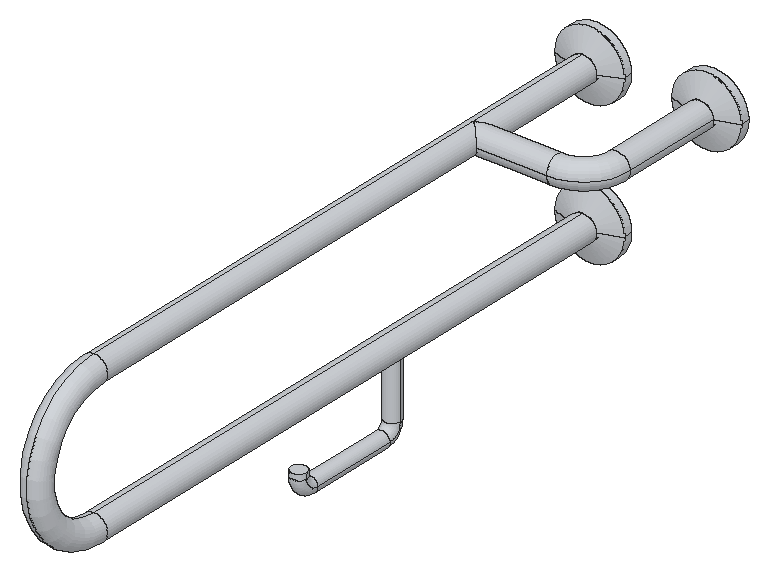
Revit family
Parameters
  Warranty Duration (Years) = 0
  Unit Weight = 9.3
  Unit Length = 2' - 9 1/2"
  URL = "http://www.pontegiulio.com"
  Trim Radius = 0' - 1 5/8"
  Specification = "http://www.arcat.com/sd/clients/pontegiu.html?coid=43483"
  Send Message = "http://www.arcat.com/users.pl?action=UserEmail&company=Ponte%20Giulio&coid=43483&rep=132&fax=877-766-8306&mf="
  Sales Information = "http://www.pontegiulio.it/us/info.php"
  Revision = "R1_01-2010"
  Product Properties = "http://www.pgdb.it/schede/us/G02JCSxx45_us.pdf"
  Product Data = "http://www.arcat.com/arcatcos/cos43/arc43483.html"
  Model = "Grab Bar as Specified in 10 28 13"
  Manufacturer's Notes = ""
  Manufacturer Website = "http://www.pontegiulio.com"
  Manufacturer Phone - Toll Free = "877-766-8301 "
  Manufacturer Fax = "877-766-8306"
  Manufacturer Address = "W241 S4021 Rockwood Circle, Waukesha, WI 53189"
  Manufacturer = "Ponte Giulio"
  Maintenance Schedule (Months) = 0
  Keynote = "10 28 13"
  Installation-Fabrication = ""
  Installation Phase = ""
  Green Building-LEED = "http://www.arcat.com/green/clients/leed_data_43483.html"
  Expected Lifespan (Years) = 0
  Drawn By = "Robert S. Weygant, CSI, CDT, SCIP"
  Diameter = 0' - 1 1/4"
  Description = "Grab Bar as Specified in 10 28 13"
  Default Elevation = 4' - 0"
  Copyright = "2010 ARCAT, Inc"
  Construction Details = ""
  Building Codes = ""
  Bath Fixture Material [instance] = none
  Assembly Code = "C1030200"
  AK_Include Optional Component - F17AGNxx03 Roll Paper Holder = yes
  AK_Code Compliance = "ADA"
Reference planes (in)
  plane 1 "Center (Front/Back)": y = 0
  plane 2: z = 0
  plane 3 "Center (Left/Right)": x = 0
  plane 4 "Support Rail": x = 5.5
  plane 5: z = 37.71941
  plane 6: z = 44.40691
  plane 7: y = -33.5
  plane 8: y = -7.875
  plane 9: y = -12
Forms (in)
  Sweep 1, solid, material <- "Bath Fixture Material"
    path origin (0, 0, 36.40691) x (0, 0, 1) y (0, -1, 0)
      loop
        line (1.3125, 0) -> (1.3125, 29.53125)
        arc (1.3125, 29.53125) -> (4.65625, 32.875) -> (8, 29.53125) r 3.34375
        line (8, 29.53125) -> (8, 0)
    profile origin (0, -14.76563, 37.71941) x (0, 0, -1) y (1, 0, 0)
      loop
        circle (0, 0) r 0.625
  Revolve 2, solid, material <- "Bath Fixture Material"
    sketch origin (0, 0, 44.40691) x (1, 0, 0) y (0, 1, 0)
      loop
        line (0, 0) -> (0, -0.8125) -> (0.625, -0.8125) -> (1.625, -0.40625) -> (1.625, 0) -> (0, 0)
      axis (0, -0.8125) -> (0, 0)
    angle from 0 to 360
  Revolve 3, solid, material <- "Bath Fixture Material"
    sketch origin (5.5, 0, 44.40691) x (1, 0, 0) y (0, 1, 0)
      loop
        line (0, 0) -> (0, -0.8125) -> (0.625, -0.8125) -> (1.625, -0.40625) -> (1.625, 0) -> (0, 0)
      axis (0, -0.8125) -> (0, 0)
    angle from 0 to 360
  Revolve 4, solid, material <- "Bath Fixture Material"
    sketch origin (0, 0, 37.71941) x (1, 0, 0) y (0, 1, 0)
      loop
        line (0, 0) -> (0, -0.8125) -> (0.625, -0.8125) -> (1.625, -0.40625) -> (1.625, 0) -> (0, 0)
      axis (0, -0.8125) -> (0, 0)
    angle from 0 to 360
  Sweep 5, solid, material <- "Bath Fixture Material"
    path origin (0, 0, 0) x (1, 0, 0) y (0, 1, 0)
      loop
        line (5.5, 0) -> (5.5, -5.6875)
        arc (5.5, -5.6875) -> (5.04235, -6.79235) -> (3.9375, -7.25) r 1.5625
        line (3.9375, -7.25) -> (0, -7.25)
    profile origin (5.5, -2.84375, 0) x (1, 0, 0) y (0, 0, 1)
      loop
        circle (0, 44.40691) r 0.625
  Sweep 6, solid, material <- "Bath Fixture Material", visible <- "AK_Include Optional Component - F17AGNxx03 Roll Paper Holder"
    path origin (0, 0, 0) x (0, 1, 0) y (0, 0, 1)
      loop
        line (-12, 37.71941) -> (-12, 34.62566)
        arc (-12, 34.62566) -> (-12.18306, 34.18372) -> (-12.625, 34.00066) r 0.625
        line (-12.625, 34.00066) -> (-16.875, 34.00066)
        arc (-16.875, 34.00066) -> (-17.31694, 34.18372) -> (-17.5, 34.62566) r 0.625
        line (-17.5, 34.62566) -> (-17.5, 34.87566)
    profile origin (0, -12, 36.17254) x (1, 0, 0) y (0, 1, 0)
      loop
        circle (0, 0) r 0.375
Dimensions and locks (in)
  "Diameter": Sweep 1 sketch curve to Sweep 1 sketch curve
  locked: plane 3 "Center (Left/Right)" to plane 4 "Support Rail" at 5.5
  plane 7 to plane 1 "Center (Front/Back)" = 2' - 9 1/2"
  "Unit Length": plane 7 to plane 1 "Center (Front/Back)"
  plane 5 to plane 6 = 0' - 6 11/16"
  locked: plane 4 "Support Rail" to plane 3 "Center (Left/Right)" at 5.5
  plane 8 to plane 1 "Center (Front/Back)" = 0' - 7 7/8"
  locked: plane 9 to plane 1 "Center (Front/Back)" at 12
  aligned and locked: profile plane to Sweep 1 sketch curve
  aligned and locked: plane 5 to Sweep 1 sketch curve
  aligned and locked: plane 6 to Sweep 1 sketch curve
  aligned and locked: Sweep 1 sketch curve to plane 5
  aligned and locked: Sweep 1 sketch curve to Revolve 2
  aligned and locked: plane 1 "Center (Front/Back)" to Sweep 1 sketch curve  (x2)
  aligned and locked: Revolve 4 sketch curve to plane 3 "Center (Left/Right)"
  aligned and locked: plane 1 "Center (Front/Back)" to Revolve 4 sketch curve
  aligned and locked: Revolve 2 sketch curve to plane 3 "Center (Left/Right)"
  aligned and locked: plane 1 "Center (Front/Back)" to Revolve 2 sketch curve
  aligned and locked: Revolve 3 sketch curve to plane 4 "Support Rail"
  aligned and locked: plane 1 "Center (Front/Back)" to Revolve 3 sketch curve
  aligned and locked: plane 5 to Revolve 4
  aligned and locked: Revolve 3 to Sweep 5 sketch curve
  aligned and locked: plane 3 "Center (Left/Right)" to Sweep 5 sketch curve
  aligned and locked: plane 9 to Sweep 6 sketch curve
Automatic sketch dimensions
  Sweep 1 sketch curve to Sweep 1 sketch curve = 0' - 0"
  Sweep 1 sketch curve to profile plane = 0' - 0"
  plane 7 to Sweep 1 sketch curve = 0' - 3 31/32"
  Revolve 4 sketch curve to plane 3 "Center (Left/Right)" = 0' - 0"
  plane 3 "Center (Left/Right)" to Revolve 4 sketch curve = 0' - 0 5/8"
  plane 1 "Center (Front/Back)" to Revolve 4 sketch curve = 0' - 0 13/32"
  Revolve 4 sketch curve to Revolve 4 sketch curve = 0' - 1"
  plane 1 "Center (Front/Back)" to Revolve 4 sketch curve = 0' - 0 13/16"
  Revolve 4 sketch curve to plane 7 = 5' - 9.15632"
  Revolve 4 sketch curve to Revolve 4 sketch curve = 2' - 0"
  Revolve 2 sketch curve to plane 3 "Center (Left/Right)" = 0' - 0"
  plane 3 "Center (Left/Right)" to Revolve 2 sketch curve = 0' - 0 5/8"
  plane 1 "Center (Front/Back)" to Revolve 2 sketch curve = 0' - 0 13/32"
  Revolve 2 sketch curve to Revolve 2 sketch curve = 0' - 1"
  plane 1 "Center (Front/Back)" to Revolve 2 sketch curve = 0' - 0 13/16"
  Revolve 2 sketch curve to plane 7 = 5' - 9.15632"
  Revolve 2 sketch curve to Revolve 2 sketch curve = 2' - 0"
  Revolve 3 sketch curve to plane 4 "Support Rail" = 0' - 0"
  plane 4 "Support Rail" to Revolve 3 sketch curve = 0' - 0 5/8"
  plane 1 "Center (Front/Back)" to Revolve 3 sketch curve = 0' - 0 13/32"
  Revolve 3 sketch curve to Revolve 3 sketch curve = 0' - 1"
  plane 1 "Center (Front/Back)" to Revolve 3 sketch curve = 0' - 0 13/16"
  Revolve 3 sketch curve to plane 7 = 5' - 9.15632"
  Revolve 3 sketch curve to Revolve 3 sketch curve = 2' - 0"
  Sweep 5 sketch curve to plane 4 "Support Rail" = 0' - 0"
  Sweep 5 sketch curve to Sweep 5 sketch curve = 0' - 1 9/16"
  plane 1 "Center (Front/Back)" to Sweep 5 sketch curve = 0' - 5 11/16"
  Sweep 5 sketch curve to profile plane = 0' - 0"
  level to Sweep 5 sketch curve = 3' - 8.40691"
  Sweep 6 sketch curve to plane 3 "Center (Left/Right)" = 0' - 0"
  Sweep 6 sketch curve to profile plane = 0' - 0"
  Sweep 6 sketch curve to plane 5 = 0' - 0"
  plane 9 to Sweep 6 sketch curve = 0' - 0 5/8"
  Sweep 6 sketch curve to Sweep 6 sketch curve = 0' - 4 1/4"
  Sweep 6 sketch curve to Sweep 6 sketch curve = 0' - 0 5/8"
  plane 5 to Sweep 6 sketch curve = 0' - 2 27/32"
  Sweep 6 sketch curve to Sweep 6 sketch curve = 0' - 0 1/4"
  radius of Sweep 5 sketch curve = 0' - 0 5/8"
  radius of Sweep 6 sketch curve = 0' - 0 3/8"
